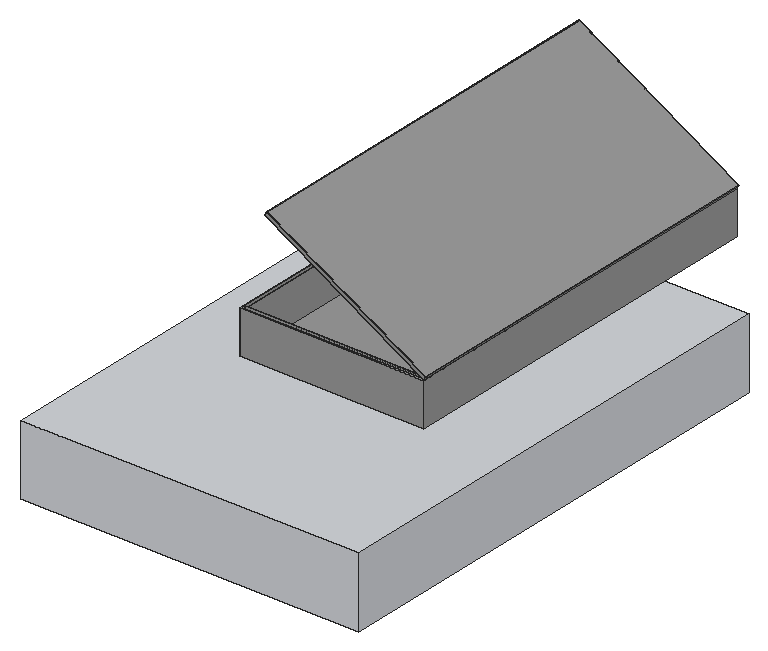
Revit family "Hager-Univers-IP54-D205-H1700-Cl.II-Encl-DE-de", category Equipement électrique, Revit 2020
Family settings
  Hôte = Face
  Configuration du panneau = Deux colonnes, circuits au sein
  Cote de connecteur circulaire = Utiliser le diamètre
  Type d'élément = Tableau de raccordement
  Couper avec des vides une fois chargée = Non
  Partagée = Non
  Point de calcul de pièce = Non
Parameters (values of type "Aufputz IP54 B800 H1700 T205  - FP13SW2")
  Width Control [instance] = if([EF000008 - Breite] > Min Width, [EF000008 - Breite], Min Width)  # 800 mm
  Commentaires du type = [HG000003 - Bereich]  # "Univers"
  Thickness Door [instance] = if([EF009171 - Materialstärke Tür/Deckel] > 3 mm, 3 mm, [EF009171 - Materialstärke Tür/Deckel])  # 1 mm
  Seal Frame Offset [instance] = 17 mm  # constant formula
  Plinth Visibility [instance] = [HG000027 - Sockelhöhe] > 0 mm  # no
  Model = ""
  Min Width [instance] = 100 mm  # constant formula
  Min Height [instance] = 100 mm  # constant formula
  Min Depth [instance] = (2 * [EF009170 - Materialstärke Gehäuse]) + 1 mm  # 3 mm
  Internal Frame Depth [instance] = (Door System Depth * 0.5)  # 9 mm
  Height Control [instance] = if([EF000040 - Höhe] > Min Height, [EF000040 - Höhe], Min Height)  # 1700 mm
  HG000027 - Sockelhöhe = 0 mm
  HG000026 - Stehend auf dem Boden = no
  HG000024 - Höhe des unteren Teils = 800 mm
  HG000023 - Gehäuse mit doppeltem Querschnitt = no
  HG000016 - 3D-Türsichtbarkeit [instance] = yes
  HG000015 - Sichtbarkeit der Türöffnung [instance] = no
  HG000014 - Tür rechts [instance] = yes
  HG000013 - Tür links [instance] = not([HG000014 - Tür rechts])  # no
  HG000012 - Türschwenkwinkel [instance] = 30.00°
  HG000010 - Asymmetrische Türen = no
  HG000009 - Doppelflügeligen Tür = no
  HG000006 - Unterputz = no
  HG000004 - Herstellerreferenz = "FP13SW2"
  HG000003 - Bereich = "Univers"
  HG000002 - Mit tür = yes
  Frame Offset Bottom [instance] = 10 mm  # constant formula
  Frame Offset [instance] = 15 mm  # constant formula
  EF015940 - Deckel mit Überdruckentlastung = no
  EF011959 - Schutzart (NEMA) = ""
  EF009554 - Anzahl der Öffnungen für Flanschplatten = 6
  Fabricant = "Hager"  # constant formula
  EF009212 - Ausführung Deckel = "EV000116 - geschlossen"
  EF009171 - Materialstärke Tür/Deckel = 1 mm
  EF009170 - Materialstärke Gehäuse = 1 mm
  EF008873 - Nennstrom (In) = 400 A
  EF007800 - Geeignet für Blitzschutz = no
  EF006306 - Mit Schloss = no
  EF006244 - Transparenter Deckel/Tür = no
  EF005474 - Schutzart (IP) = "EV006419 - IP54"
  EF004464 - Art der Tür = "EV002646 - Einzel"
  EF004427 - Anzahl der Module = 396
  EF004293 - Schlagfestigkeit = "EV006815 - IK09"
  EF003532 - Geeignet für Außengebrauch = no
  EF002950 - Breite in Teilungseinheiten = 36
  EF001613 - Funktionserhalt = "EV000494 - ohne"
  EF001596 - Werkstoff des Gehäuses = "EV000179 - Stahl"
  EF001131 - Innentiefe = 143 mm
  EF001088 - Anbaumöglichkeit = yes
  EF000437 - Anzahl der Leitungseinführungen = 6
  EF000339 - Art der Abdeckung = "EV001012 - Deckel"
  EF000266 - Anzahl der Reihen = 11
  EF000218 - Einbautiefe = 205 mm
  EF000118 - Mit Montageplatte = no
  EF000116 - RAL-Nummer = "9010"
  EF000049 - Tiefe = 205 mm
  EF000040 - Höhe = 1700 mm
  EF000008 - Breite = 800 mm
  EF000007 - Farbe = "EV000202 - weiß"
  EF000003 - Montageart = "EV000384 - Aufputz"
  Door System Leaf Tolerance [instance] = 1.5 mm  # constant formula
  Door System Depth [instance] = 18 mm  # constant formula
  Door Height [instance] = Height Control - [HG000027 - Sockelhöhe]  # 1700 mm
  Depth Control [instance] = if([EF000049 - Tiefe] > Min Depth, [EF000049 - Tiefe], Min Depth)  # 205 mm
  Default Elevation = 0 mm
  Connector Offset [instance] = Height Control / 2  # 850 mm
  Bottom Top Plate Trim [instance] = 1.5 mm  # constant formula
  Plinth height Ctrl [instance] = if([HG000027 - Sockelhöhe] > 0 mm, [HG000027 - Sockelhöhe], 12 mm)  # 12 mm
Types (5, lengths in mm): name | Width Control | HG000010 - Asymmetrische Türen | HG000009 - Doppelflügeligen Tür | HG000004 - Herstellerreferenz | EF009554 - Anzahl der Öffnungen für Flanschplatten | EF008873 - Nennstrom (In) | EF004464 - Art der Tür | EF004427 - Anzahl der Module | EF002950 - Breite in Teilungseinheiten | EF000437 - Anzahl der Leitungseinführungen | EF000008 - Breite
  Aufputz IP54 B1050 H1700 T205  - FP14SW2 | 1050 | no | yes | "FP14SW2" | 8 | 400 A | "EV003602 - Doppel" | 528 | 48 | 8 | 1050
  Aufputz IP54 B1300 H1700 T205  - FP15SW2 | 1300 | yes | yes | "FP15SW2" | 10 | 400 A | "EV003602 - Doppel" | 660 | 60 | 10 | 1300
  Aufputz IP54 B300 H1700 T205  - FP11SW2 | 300 | no | no | "FP11SW2" | 2 | 250 A | "EV002646 - Einzel" | 132 | 12 | 2 | 300
  Aufputz IP54 B550 H1700 T205  - FP12SW2 | 550 | no | no | "FP12SW2" | 4 | 250 A | "EV002646 - Einzel" | 264 | 24 | 4 | 550
  Aufputz IP54 B800 H1700 T205  - FP13SW2 | 800 | no | no | "FP13SW2" | 6 | 400 A | "EV002646 - Einzel" | 396 | 36 | 6 | 800
Reference planes
  plane 1 "Center (Front/Back)": y = 0
  plane 2: z = 0
  plane 3 "Center (Left/Right)": x = 0
  plane 4: z = 205
  plane 5: y = 1
  plane 6: y = 850
  plane 7: y = 0
  plane 8: y = 1700
  plane 9: z = 0
  plane 10: x = -385
  plane 11: x = 385
  plane 12: x = 384
  plane 13: x = -384
  plane 14: y = 1699
  plane 15: x = -383
  plane 16: x = -400
  plane 17: x = 383
  plane 18: x = 400
  plane 19: x = 399
  plane 20: x = -399
  plane 21: y = 11
  plane 22: y = 1700
  plane 23: y = 1684
  plane 24: z = 187
  plane 25: z = 1
  plane 26: z = 186
  plane 27: z = 204
Forms (mm)
  Extrusion 1, solid
    sketch origin (0, 0, 0) x (1, 0, 0) y (0, 1, 0)
      loop
        line (-702.964, 1305) -> (-702.964, -811.445) -> (766.763, -811.445) -> (766.763, 1305) -> (-702.964, 1305)
    from 0 to -304.8
  Extrusion 2, solid, material "Hager_Steel_RAL7035_Light_Grey", visible <- "Plinth Visibility", detail levels medium+fine
    sketch origin (0, 0, 0) x (1, 0, 0) y (0, 1, 0)
      loop
        line (-400, 0) -> (400, 0) -> (400, 12) -> (-400, 12) -> (-400, 0)
    from 0 to 187
  Extrusion 3, solid, material "Hager_Steel_RAL7035_Light_Grey", detail levels medium+fine
    sketch origin (0, 0, 0) x (1, 0, 0) y (0, 1, 0)
      loop
        line (-400, 0) -> (400, 0) -> (400, 1700) -> (-400, 1700) -> (-400, 0)
    from 0 to 187
  Extrusion 4, void
    sketch origin (0, 0, 0) x (1, 0, 0) y (0, 1, 0)
      loop
        line (-399, 1) -> (399, 1) -> (399, 1699) -> (-399, 1699) -> (-399, 1)
    from 1 to 186
  Extrusion 5, void
    sketch origin (-381.607, -4572, 187) x (0, -1, 0) y (-1, 0, 0)
      loop
        line (-4583, 2.393) -> (-6256, 2.393) -> (-6256, -765.607) -> (-4583, -765.607) -> (-4583, 2.393)
    from 0 to 1 <- "EF009170 - Materialstärke Gehäuse"
  Extrusion 6, solid, material "Hager_Steel_RAL7035_Light_Grey", detail levels fine
    sketch origin (0, 0, 187) x (1, 0, 0) y (0, 1, 0)
      loop
        line (-384, 1684) -> (-384, 11) -> (384, 11) -> (384, 1684) -> (-384, 1684)
      loop
        line (-385, 10) -> (385, 10) -> (385, 1685) -> (-385, 1685) -> (-385, 10)
    from 0 to 9 <- "Internal Frame Depth"
  Extrusion 7, solid, material "Hager_Steel_RAL7035_Light_Grey", detail levels coarse
    sketch origin (0, 0, 0) x (1, 0, 0) y (0, 1, 0)
      loop
        line (-400, 0) -> (400, 0) -> (400, 1700) -> (-400, 1700) -> (-400, 0)
    from 0 to 205
  Sweep 8, void
    path in 3D
      loop
        line (-400, 12, 0) -> (400, 12, 0) -> (400, 12, 187) -> (-400, 12, 187) -> (-400, 12, 0)
    profile origin (-400, 12, 93.5) x (-1, 0, 0) y (0, -1, 0)
      loop
        line (0, 0) -> (0, 1.5) -> (-1.5, 1.5)
        arc (-1.5, 1.5) -> (-1.061, 0.439) -> (0, 0) r 1.5
Cuts and joins
  Extrusion 4, Extrusion 5 cuts Extrusion 3
  Sweep 8 cuts Extrusion 2
Lines and regions (mm)
  Masking region 1
    outline origin (0, 0, 0) x (1, 0, 0) y (0, 0, 1)
      loop
        line (-400, 205) -> (-400, 0) -> (400, 0) -> (400, 205) -> (-400, 205)
  Masking region 2, detail levels medium+fine
    outline origin (0, 140, 0) x (0, 1, 0) y (0, 0, 1)
      loop
        line (-140, 0) -> (1560, 0) -> (1560, 187) -> (-140, 187) -> (-140, 0)
  Masking region 3, not visible, detail levels medium+fine
    outline origin (0, 297.922, 0) x (0, 1, 0) y (0, 0, 1)
      loop
        line (563.578, 0) -> (603.578, 0) -> (603.578, 194)
        arc (603.578, 194) -> (600.649, 201.071) -> (593.578, 204) r 10
        line (593.578, 204) -> (563.578, 204) -> (563.578, 0)
  Masking region 4, detail levels coarse
    outline origin (0, 0, 180) x (0, 1, 0) y (0, 0, 1)
      loop
        line (0, -180) -> (1700, -180) -> (1700, 25) -> (0, 25) -> (0, -180)
  Masking region 5, visible <- "Plinth Visibility", detail levels medium+fine
    outline origin (0, 52.24, 12.345) x (0, 0, -1) y (0, 1, 0)
      loop
        line (10.845, -40.24) -> (-173.155, -40.24)
        arc (-173.155, -40.24) -> (-173.594, -41.301) -> (-174.655, -41.74) r 1.5
        line (-174.655, -41.74) -> (-174.655, -52.24) -> (12.345, -52.24) -> (12.345, -41.74)
        arc (12.345, -41.74) -> (11.285, -41.301) -> (10.845, -40.24) r 1.5
  Masking region 6, detail levels medium+fine
    outline origin (-381.607, -4572, 187) x (-1, 0, 0) y (0, -1, 0)
      loop
        line (18.393, -6272) -> (18.393, -4572) -> (-781.607, -4572) -> (-781.607, -6272) -> (18.393, -6272)
  Masking region 7, visible <- "Plinth Visibility", detail levels medium+fine
    outline origin (-381.607, -4727, 187) x (-1, 0, 0) y (0, -1, 0)
      loop
        arc (16.893, -4739) -> (17.332, -4737.939) -> (18.393, -4737.5) r 1.5
        line (18.393, -4737.5) -> (18.393, -4727) -> (-781.607, -4727) -> (-781.607, -4737.5)
        arc (-781.607, -4737.5) -> (-780.546, -4737.939) -> (-780.107, -4739) r 1.5
        line (-780.107, -4739) -> (16.893, -4739)
  Masking region 8, detail levels coarse
    outline origin (-442.548, -4669.526, 187) x (-1, 0, 0) y (0, -1, 0)
      loop
        line (-42.548, -6369.526) -> (-42.548, -4669.526) -> (-842.548, -4669.526) -> (-842.548, -6369.526) -> (-42.548, -6369.526)
  sketch lines
    curve 1: line (-400, 12, 187) -> (-400, 12, 0)
    curve 2: line (400, 12, 187) -> (-400, 12, 187)
    curve 3: line (400, 12, 187) -> (400, 12, 0)
    curve 4: line (-400, 12, 0) -> (400, 12, 0)
Dimensions and locks
  "Depth Control": plane 4 to Extrusion 1
  "HG000027 - Sockelhöhe": plane 1 "Center (Front/Back)" to plane 7
  "EF009170 - Materialstärke Gehäuse": plane 5 to plane 7
  locked: connector elem to plane 3 "Center (Left/Right)"
  equal spacing: plane 8, plane 6, plane 7
  locked: connector elem to plane 6
  "EF009170 - Materialstärke Gehäuse": plane 8 to plane 14
  "EF009170 - Materialstärke Gehäuse": plane 10 to plane 13
  "EF009170 - Materialstärke Gehäuse": plane 12 to plane 11
  "Frame Offset": plane 20 to plane 13
  "Frame Offset": plane 12 to plane 19
  "EF009170 - Materialstärke Gehäuse": plane 16 to plane 20
  "EF009170 - Materialstärke Gehäuse": plane 19 to plane 18
  "Seal Frame Offset": plane 16 to plane 15
  "Seal Frame Offset": plane 17 to plane 18
  "Frame Offset Bottom": plane 21 to plane 5
  "Frame Offset": plane 14 to plane 23
  equal spacing: plane 16, plane 3 "Center (Left/Right)", plane 18
  "Width Control": plane 16 to plane 18
  "EF009170 - Materialstärke Gehäuse": plane 4 to plane 27
  "EF009170 - Materialstärke Gehäuse": plane 24 to plane 26
  "EF009170 - Materialstärke Gehäuse": plane 25 to level
  "Door System Depth": plane 4 to plane 24
  "Height Control": plane 1 "Center (Front/Back)" to Extrusion 7 sketch curve
  "Height Control": Masking region 4 sketch curve to plane 1 "Center (Front/Back)"
  "Height Control": plane 1 "Center (Front/Back)" to plane 22
  "Bottom Top Plate Trim": profile plane to Sweep 8 sketch curve
  "Bottom Top Plate Trim": Sweep 8 sketch curve to profile plane
  "Plinth height Ctrl": plane 1 "Center (Front/Back)" to Extrusion 2 sketch curve
  "Plinth height Ctrl": Masking region 5 sketch curve to plane 1 "Center (Front/Back)"
  "Plinth height Ctrl": plane 1 "Center (Front/Back)" to Masking region 7 sketch curve
  "Thickness Door": Extrusion 6 sketch curve to Extrusion 6 sketch curve  (x3)
  "Thickness Door": cut or joined group of Extrusion 3, Extrusion 4, Extrusion 5 to Extrusion 6 sketch curve
  radius of Masking region 3 sketch curve = 10 mm
  "Bottom Top Plate Trim": radius of Masking region 5 sketch curve  (x2)
  "Bottom Top Plate Trim": radius of Sweep 8 sketch curve
  "Bottom Top Plate Trim": radius of Masking region 7 sketch curve  (x2)
  aligned and locked: plane 2 to Extrusion 1
  aligned and locked: level to Extrusion 1
  aligned and locked: level to Masking region 1 sketch curve
  aligned and locked: Masking region 1 sketch curve to plane 18
  aligned and locked: Masking region 1 sketch curve to plane 16
  aligned and locked: plane 7 to Masking region 2 sketch curve
  aligned and locked: level to Masking region 3 sketch curve
  aligned and locked: Masking region 3 sketch curve to plane 27
  aligned and locked: level to Masking region 2 sketch curve
  aligned and locked: plane 1 "Center (Front/Back)" to Extrusion 2 sketch curve
  aligned and locked: Extrusion 3 sketch curve to plane 7
  aligned and locked: plane 16 to Extrusion 3 sketch curve
  aligned and locked: plane 18 to Extrusion 3 sketch curve
  aligned and locked: plane 20 to Extrusion 4 sketch curve
  aligned and locked: plane 19 to Extrusion 4 sketch curve
  aligned and locked: Extrusion 4 sketch curve to plane 5
  aligned and locked: Extrusion 4 to plane 25
  aligned and locked: plane 26 to Extrusion 4
  aligned and locked: plane 24 to Extrusion 3
  aligned and locked: Extrusion 5 sketch curve to plane 21
  aligned and locked: Extrusion 5 sketch curve to plane 13
  aligned and locked: Extrusion 5 sketch curve to plane 12
  aligned and locked: plane 18 to Extrusion 7 sketch curve
  aligned and locked: plane 1 "Center (Front/Back)" to Extrusion 7 sketch curve
  aligned and locked: plane 16 to Extrusion 7 sketch curve
  aligned and locked: plane 4 to Extrusion 7
  aligned and locked: Extrusion 7 to level
  aligned and locked: level to Masking region 4 sketch curve
  aligned and locked: Masking region 4 sketch curve to plane 1 "Center (Front/Back)"
  aligned and locked: Masking region 4 sketch curve to plane 4
  aligned and locked: nested 1 to level
  aligned and locked: nested 1 to plane 16
  aligned and locked: plane 8 to Extrusion 3 sketch curve
  aligned and locked: plane 23 to Extrusion 5 sketch curve
  aligned and locked: plane 14 to Extrusion 4 sketch curve
  aligned and locked: Masking region 2 sketch curve to plane 8
  aligned and locked: level to Masking region 5 sketch curve
  aligned and locked: plane 16 to Extrusion 2 sketch curve
  aligned and locked: plane 18 to Extrusion 2 sketch curve
  aligned and locked: Masking region 5 sketch curve to plane 24
  aligned and locked: Masking region 2 sketch curve to plane 24
  aligned and locked: plane 24 to Extrusion 2
  aligned and locked: profile plane to Sweep 8 sketch curve  (x2)
  aligned and locked: Masking region 6 sketch curve to plane 18
  aligned and locked: Masking region 6 sketch curve to plane 22
  aligned and locked: Masking region 6 sketch curve to plane 16
  aligned and locked: plane 8 to plane 22
  aligned and locked: Masking region 6 sketch curve to plane 7
  aligned and locked: Masking region 7 sketch curve to plane 16
  aligned and locked: Masking region 7 sketch curve to plane 1 "Center (Front/Back)"
  aligned and locked: Masking region 7 sketch curve to plane 18
  aligned and locked: Masking region 8 sketch curve to plane 1 "Center (Front/Back)"
  aligned and locked: Masking region 8 sketch curve to plane 18
  aligned and locked: Masking region 8 sketch curve to plane 22
  aligned and locked: Masking region 8 sketch curve to plane 16
  aligned and locked: nested 2 to plane 7
  aligned and locked: plane 3 "Center (Left/Right)" to nested 2
  aligned and locked: nested 2 to plane 24
  aligned and locked: Extrusion 6 sketch curve to cut or joined group of Extrusion 3, Extrusion 4, Extrusion 5  (x4)
Automatic sketch dimensions
  Extrusion 1 sketch curve to Extrusion 1 sketch curve = 1469.727 mm
  Extrusion 1 sketch curve to Extrusion 1 sketch curve = 2116.445 mm
  Masking region 1 sketch curve to plane 4 = 0 mm
  plane 6 to Masking region 3 sketch curve = 11.5 mm
  Masking region 3 sketch curve to Masking region 3 sketch curve = 30 mm
  Masking region 5 sketch curve to plane 1 "Center (Front/Back)" = 0 mm
Nested families
  nested 1: "Hager_Enclosure_Symbol" at (-400, 0, 0) x (1, 0, 0) z (0, -1, 0), Height <- "Depth Control", Width <- "Width Control", type "Hager_Enclosure_Symbol"
    with Width_Ctrl 800 mm, Width 800 mm, Height_Ctrl 205 mm, Height 205 mm, A_Width_Int 13.453 mm, A_Width 161.438 mm, A_Height_Ctrl 179.375 mm, A_Height 179.375 mm
  nested 2: "EC000058_Univers_Door" at (0, 0, 187) x (1, 0, 0) z (0, 1, 0), Leaf_Tolerance <- "Door System Leaf Tolerance", Angle <- "HG000012 - Türschwenkwinkel", Door_Depth <- "Door System Depth", Door_Left <- "HG000013 - Tür links", Transparent <- "EF006244 - Transparenter Deckel/Tür", Assymetrical <- "HG000010 - Asymmetrische Türen", Width <- "Width Control", Clearance <- "HG000015 - Sichtbarkeit der Türöffnung", Double <- "HG000009 - Doppelflügeligen Tür", 3d_Door <- "HG000016 - 3D-Türsichtbarkeit", Lock_Visibility <- "EF006306 - Mit Schloss", Width_Ctrl <- "Width Control", Door_Right <- "HG000014 - Tür rechts", Door <- "HG000002 - Mit tür", Height <- "Door Height", Thickness <- "Thickness Door", type "EC000058_Univers_Door", detail levels medium+fine
    with min_wh 3 mm, Width_Ctrl 800 mm, Width 800 mm, Transparent no, Thickness 1 mm, Seal_Material Hager_Rubber, Lock_Visibility no, Lock_Material Hager_Plastic_RAL9005_Jet_Black, Leaf_Width 800 mm, Leaf_Tolerance_External_Sides 0 mm, Leaf_Tolerance 1.5 mm, Leaf_Offset 0 mm, Leaf_Height 1697 mm, Leaf_2_Width 800 mm, Leaf_2_Offset 400 mm, Leaf_1_Width 800 mm, Leaf_1_Offset 400 mm, Height_Ctrl 1700 mm, Height 1700 mm, Glass_Material Hager_Glass, Double_Clearance_Ctrl no, Double no, Door_Right_Ctrl yes, Door_Right yes, Door_Material Hager_Steel_RAL7035_Light_Grey, Door_Left_Ctrl no, Door_Left no, Door_Depth 18 mm, Door yes, Clearance_Material Hager_Clearance, Clearance_Depth 800 mm, Clearance_Ctrl no, Clearance no, Assymetrical no, Angle 30.00°, 3d_Door yes
Connectors
  electrical at (0, 850, 0)
    settings: on plane 9, index 1, voltage 0 V, apparent load 0 VA, apparent load phase1 0 VA, apparent load phase2 0 VA, apparent load phase3 0 VA, power factor 1, load classification "Other", number of poles 1, system type 30, power factor state 1, is connector primary yes, connector utility no, sub classification motor no, connector description ""
Definition of nested family "EC000058_Univers_Door"
  Parameters (values of type "EC000058_Univers_Door")
    min_wh [instance] = (2 * Thickness) + 1 mm  # 11 mm
    Width_Ctrl [instance] = 400 mm
    Width [instance] = 500 mm
    Transparent [instance] = yes
    Thickness [instance] = 5 mm
    Seal_Material [instance] = none
    Lock_Visibility [instance] = yes
    Lock_Material [instance] = none
    Leaf_Width [instance] = if((Width_Ctrl - 2 * Leaf_Tolerance_External_Sides) > 0 mm, (Width_Ctrl - 2 * Leaf_Tolerance_External_Sides), min_wh)  # 400 mm
    Leaf_Tolerance_External_Sides [instance] = 0 mm  # constant formula
    Leaf_Tolerance [instance] = 1.5 mm
    Leaf_Offset [instance] = 0 mm  # constant formula
    Leaf_Height [instance] = if((Height_Ctrl - 2 * Leaf_Tolerance) > 0 mm, (Height_Ctrl - 2 * Leaf_Tolerance), min_wh)  # 497 mm
    Leaf_2_Width [instance] = if(and(and(Double, Assymetrical), Door_Left), (Leaf_Width / 3) - (Leaf_Tolerance / 2), if(and(and(Double, Assymetrical), Door_Right), (Leaf_Width / 3) * 2 - (Leaf_Tolerance / 2), if(and(Double, not(Assymetrical)), (Leaf_Width / 2) - Leaf_Tolerance, Leaf_Width)))  # 400 mm
    Leaf_2_Offset [instance] = if(and(Double, Assymetrical), Leaf_2_Width / 2, if(and(Double, not(Assymetrical)), Leaf_Width / 4, Leaf_Width / 2))  # 200 mm
    Leaf_1_Width [instance] = if(and(and(Double, Assymetrical), Door_Right), (Leaf_Width / 3) - (Leaf_Tolerance / 2), if(and(and(Double, Assymetrical), Door_Left), (Width / 3) * 2 - (Leaf_Tolerance / 2), if(and(Double, not(Assymetrical)), (Leaf_Width / 2) - Leaf_Tolerance, Leaf_Width)))  # 400 mm
    Leaf_1_Offset [instance] = if(and(Double, Assymetrical), Leaf_1_Width / 2, if(and(Double, not(Assymetrical)), Leaf_Width / 4, Leaf_Width / 2))  # 200 mm
    Height_Ctrl [instance] = if(Height > min_wh, Height, min_wh)  # 500 mm
    Height [instance] = 500 mm
    Glass_Material [instance] = none
    Double_Clearance_Ctrl [instance] = and(Double, Clearance)  # no
    Double [instance] = no
    Door_Right_Ctrl [instance] = and(or(Door_Right, Double), Door)  # yes
    Door_Right [instance] = yes
    Door_Material [instance] = none
    Door_Left_Ctrl [instance] = and(or(Door_Left, Double), Door)  # no
    Door_Left [instance] = no
    Door_Depth [instance] = 30 mm
    Door [instance] = yes
    Default Elevation = 1219.2 mm
    Clearance_Material [instance] = none
    Clearance_Depth [instance] = if(Leaf_1_Width > Leaf_2_Width, Leaf_1_Width, Leaf_2_Width)  # 400 mm
    Clearance_Ctrl [instance] = and(not(Double), Clearance)  # yes
    Clearance [instance] = yes
    Assymetrical [instance] = yes
    Angle [instance] = 30.00°
    3d_Door [instance] = yes
  Reference planes
    plane 1 "Center (Front/Back)": y = 0
    plane 2 "Bottom": z = 0
    plane 3 "Center (Left/Right)": x = 0
    plane 4: z = 500
    plane 5: x = -200
    plane 6: x = 200
    plane 7: z = 500
    plane 8: x = -200
    plane 9: z = 0
    plane 10: x = 200
    plane 11: y = 0
    plane 12: z = 1.5
    plane 13: x = -600
    plane 14: y = -400
    plane 15: x = 600
    plane 16: x = 0
    plane 17: x = 0
    plane 18: x = -200
    plane 19: x = 200
    plane 20: z = 498.5
  Forms (mm)
    Extrusion 1, solid, material <- "Clearance_Material", visible <- "Double_Clearance_Ctrl"
      sketch origin (1200, 0, 0) x (1, 0, 0) y (0, 0, -1)
        loop
          line (-1800, -498.5) -> (-600, -498.5) -> (-600, 0) -> (-1800, 0) -> (-1800, -498.5)
      from 0 to -400
  Dimensions and locks
    equal spacing: plane 5, plane 3 "Center (Left/Right)", plane 6
    "Width_Ctrl": plane 5 to plane 6
    "Leaf_Offset": plane 5 to plane 8
    "Leaf_Offset": plane 6 to plane 10
    "Leaf_Offset": plane 9 to level
    "Leaf_Offset": plane 4 to plane 7
    "Height_Ctrl": plane 4 to level
    "Leaf_Tolerance": plane 12 to plane 9
    locked: plane 11 to plane 1 "Center (Front/Back)"
    "Leaf_1_Offset": plane 18 to plane 16
    "Leaf_2_Offset": plane 17 to plane 19
    "Leaf_1_Width": plane 13 to plane 8
    "Leaf_2_Width": plane 10 to plane 15
    "Clearance_Depth": plane 14 to plane 1 "Center (Front/Back)"
    "Leaf_Tolerance_External_Sides": plane 8 to plane 18
    "Leaf_Tolerance_External_Sides": plane 19 to plane 10
    "Leaf_Tolerance": plane 7 to plane 20
    aligned and locked: level to plane 2 "Bottom"
    aligned and locked: nested 1 to plane 16
    aligned and locked: nested 2 to plane 17
    aligned and locked: Extrusion 1 to plane 13
    aligned and locked: plane 15 to Extrusion 1
    aligned and locked: Extrusion 1 to plane 14
    aligned and locked: plane 12 to nested 1
    aligned and locked: nested 2 to plane 12
    aligned and locked: Extrusion 1 to plane 11
    aligned and locked: plane 20 to Extrusion 1
    aligned and locked: nested 2 to plane 11
    aligned and locked: nested 1 to plane 11
  Automatic sketch dimensions
    Extrusion 1 sketch curve to level = 0 mm
    plane 5 to Extrusion 1 sketch curve = 400 mm
    plane 6 to Extrusion 1 sketch curve = 400 mm
    Extrusion 1 sketch curve to plane 4 = 1.5 mm
  Nested families
    nested 1: "EC000058_Univers_Door_Leaf" at (0, 0, 1.5), Width <- "Leaf_1_Width", visible <- "Door_Left_Ctrl", Leaf_Height <- "Leaf_Height", Angle <- "Angle", 3d_Door <- "3d_Door", Transparent <- "Transparent", Clearance Material <- "Clearance_Material", Clearance <- "Clearance_Ctrl", Door_Material <- "Door_Material", Glass_Material <- "Glass_Material", Door_Depth <- "Door_Depth", Lock_Material <- "Lock_Material", Seal_Material <- "Seal_Material", Lock_Visibility <- "Lock_Visibility", Thickness <- "Thickness", type "EC000058_Univers_Door_Leaf"
      with Width 400 mm, Transparent_Glass_Offset 30 mm, Transparent_Ctrl yes, Transparent yes, Thickness 5 mm, Standard no, Seal_Material none, Seal_D2 8 mm, Seal_D1 1 mm, Offset_Internal_Frame 10 mm, Lock_Width 20 mm, Lock_Visibility_3d yes, Lock_Visibility yes, Lock_Thickness_3 3 mm, Lock_Thickness_2 1 mm, Lock_Thickness_1 3 mm, Lock_Radius_Offset_2 16 mm, Lock_Radius_Offset_1 15 mm, Lock_Radius_2 5 mm, Lock_Radius 6 mm, Lock_Offset 5 mm, Lock_Material none, Lock_Height 80 mm, Lock_Cover_Top_Offset_2d 17 mm, Lock_Cover_Height -65 mm, Leaf_Height 497 mm, Internal_Seal_Thickness 8 mm, Internal_Seal_Depth_2 4.5 mm, Internal_Frame_Depth 25 mm, Glass_Thickness -1 mm, Glass_Offset -2 mm, Glass_Material none, Door_Material none, Door_Depth 30 mm, Clearance Material none, Clearance yes, Angle_Ctrl 30.00°, Angle 30.00°, 3d_Door yes
    nested 2: "EC000058_Univers_Door_Leaf" at (0, 0, 1.5) x (-1, 0, 0) z (0, 0, 1), Width <- "Leaf_2_Width", visible <- "Door_Right_Ctrl", Leaf_Height <- "Leaf_Height", Angle <- "Angle", 3d_Door <- "3d_Door", Transparent <- "Transparent", Clearance Material <- "Clearance_Material", Clearance <- "Clearance_Ctrl", Door_Material <- "Door_Material", Glass_Material <- "Glass_Material", Door_Depth <- "Door_Depth", Lock_Material <- "Lock_Material", Seal_Material <- "Seal_Material", Lock_Visibility <- "Lock_Visibility", Thickness <- "Thickness", type "EC000058_Univers_Door_Leaf"
      with Width 400 mm, Transparent_Glass_Offset 30 mm, Transparent_Ctrl yes, Transparent yes, Thickness 5 mm, Standard no, Seal_Material none, Seal_D2 8 mm, Seal_D1 1 mm, Offset_Internal_Frame 10 mm, Lock_Width 20 mm, Lock_Visibility_3d yes, Lock_Visibility yes, Lock_Thickness_3 3 mm, Lock_Thickness_2 1 mm, Lock_Thickness_1 3 mm, Lock_Radius_Offset_2 16 mm, Lock_Radius_Offset_1 15 mm, Lock_Radius_2 5 mm, Lock_Radius 6 mm, Lock_Offset 5 mm, Lock_Material none, Lock_Height 80 mm, Lock_Cover_Top_Offset_2d 17 mm, Lock_Cover_Height -65 mm, Leaf_Height 497 mm, Internal_Seal_Thickness 8 mm, Internal_Seal_Depth_2 4.5 mm, Internal_Frame_Depth 25 mm, Glass_Thickness -1 mm, Glass_Offset -2 mm, Glass_Material none, Door_Material none, Door_Depth 30 mm, Clearance Material none, Clearance yes, Angle_Ctrl 30.00°, Angle 30.00°, 3d_Door yes
  Definition of nested family "EC000058_Univers_Door_Leaf"
    Parameters (values of type "EC000058_Univers_Door_Leaf")
      Width [instance] = 2000 mm
      Transparent_Glass_Offset [instance] = 30 mm
      Transparent_Ctrl [instance] = and(Transparent, [3d_Door])  # yes
      Transparent [instance] = yes
      Thickness [instance] = 5 mm
      Standard [instance] = and(not(Transparent), [3d_Door])  # no
      Seal_Material [instance] = none
      Seal_D2 [instance] = 8 mm  # constant formula
      Seal_D1 [instance] = 1 mm  # constant formula
      Offset_Internal_Frame [instance] = 10 mm  # constant formula
      Lock_Width [instance] = 20 mm  # constant formula
      Lock_Visibility_3d [instance] = and(Lock_Visibility, [3d_Door])  # yes
      Lock_Visibility [instance] = yes
      Lock_Thickness_3 [instance] = 3 mm  # constant formula
      Lock_Thickness_2 [instance] = 1 mm  # constant formula
      Lock_Thickness_1 [instance] = 3 mm  # constant formula
      Lock_Radius_Offset_2 [instance] = Lock_Radius_Offset_1 + 1 mm  # 16 mm
      Lock_Radius_Offset_1 [instance] = 15 mm  # constant formula
      Lock_Radius_2 [instance] = Lock_Radius - 1 mm  # 5 mm
      Lock_Radius [instance] = 6 mm  # constant formula
      Lock_Offset [instance] = 5 mm  # constant formula
      Lock_Material [instance] = none
      Lock_Height [instance] = 80 mm  # constant formula
      Lock_Cover_Top_Offset_2d [instance] = Lock_Radius_Offset_2 + 1 mm  # 17 mm
      Lock_Cover_Height [instance] = -(Lock_Height - Lock_Radius_Offset_1)  # -65 mm
      Leaf_Height [instance] = 2720.336 mm
      Internal_Seal_Thickness [instance] = 8 mm  # constant formula
      Internal_Seal_Depth_2 [instance] = 4.5 mm  # constant formula
      Internal_Frame_Depth [instance] = if(Door_Depth - Thickness > 5 mm, Door_Depth - Thickness, 5 mm)  # 25 mm
      Glass_Thickness [instance] = if(Thickness > 15 mm, Glass_Offset + 10 mm, -1 mm)  # -1 mm
      Glass_Offset [instance] = if(Thickness > 15 mm, -(Thickness + 10 mm) / 2, -2 mm)  # -2 mm
      Glass_Material [instance] = none
      Door_Material [instance] = none
      Door_Depth [instance] = 30 mm
      Default Elevation = 0 mm
      Clearance Material [instance] = none
      Clearance [instance] = yes
      Angle_Ctrl [instance] = if(Angle > 180.00°, 180.00°, Angle)  # 90.00°
      Angle [instance] = 90.00°
      3d_Door [instance] = yes
    Reference planes
      plane 1 "Center (Front/Back)": y = 0
      plane 2: z = 0
      plane 3 "Center (Left/Right)": x = 0
      plane 4: y = 2000
      plane 5: x = -1000
      plane 6: x = 1000
      plane 7: x = -3000
      plane 8: z = 2720.336
      plane 9: z = 30
      plane 10: z = 2690.336
      plane 11: x = 970
      plane 12: x = -970
      plane 13: y = -3
      plane 14: z = 107.833
      plane 15: y = -5
      plane 16: y = -223.314
      plane 17: x = -1000
      plane 18: z = 1360.168
      plane 19: y = 30
    Forms (mm)
      Extrusion 1, solid, material <- "Clearance Material", visible <- "Clearance"
        sketch origin (0, 0, 0) x (1, 0, 0) y (0, 0, 1)
          loop
            line (-3000, 2720.336) -> (-3000, 0) -> (1000, 0) -> (1000, 2720.336) -> (-3000, 2720.336)
        from 0 to -2000
      Extrusion 2, solid, material <- "Door_Material", visible <- "Standard", detail levels medium+fine
        sketch origin (-1000, 0, 0) x (0, 1, 0) y (-1, 0, 0)
          loop
            line (0, 30) -> (0, 25) -> (2000, 25) -> (2000, 30) -> (0, 30)
        from 0 to 2720.336 <- "Leaf_Height"
      Extrusion 3, solid, material <- "Door_Material", visible <- "Transparent_Ctrl", detail levels medium+fine
        sketch origin (-1000, 0, 0) x (0, 1, 0) y (-1, 0, 0)
          loop
            line (0, 25) -> (2000, 25) -> (2000, 30) -> (0, 30) -> (0, 25)
        from 0 to 2720.336 <- "Leaf_Height"
      Extrusion 4, void
        sketch origin (-1025, 2000, 0) x (0, 1, 0) y (0, 0, -1)
          loop
            line (-30, -2690.336) -> (-30, -30) -> (-1970, -30) -> (-1970, -2690.336) -> (-30, -2690.336)
        from 0 to 5 <- "Thickness"
      Sweep 5, solid, material <- "Seal_Material", visible <- "Transparent_Ctrl", detail levels fine
        path in 3D
          loop
            line (-1025, 30, 30) -> (-1025, 30, 2690.336) -> (-1025, 1970, 2690.336) -> (-1025, 1970, 30) -> (-1025, 30, 30)
        profile origin (-1025, 1000, 30) x (1, 0, 0) y (0, 0, 1)
          loop
            line (0, 0) -> (0, -8) -> (1, -8) -> (1, 0) -> (0, 0)
      Extrusion 6, solid, material <- "Glass_Material", visible <- "Transparent_Ctrl", detail levels medium+fine
        sketch origin (-1030, 0, 0) x (0, 1, 0) y (0, 0, -1)
          loop
            line (1970, -2690.336) -> (1970, -30) -> (30, -30) -> (30, -2690.336) -> (1970, -2690.336)
        from -2 <- "Glass_Offset" to -1 <- "Glass_Thickness"
      Extrusion 7, solid, material <- "Door_Material", visible <- "3d_Door", detail levels medium+fine
        sketch origin (-1025, 2000, 0) x (0, -1, 0) y (0, 0, -1)
          loop
            line (0, -2720.336) -> (2000, -2720.336) -> (2000, 0) -> (0, 0) -> (0, -2720.336)
          loop
            line (1995, -5) -> (5, -5) -> (5, -2715.336) -> (1995, -2715.336) -> (1995, -5)
        from 0 to 25 <- "Internal_Frame_Depth"
      Sweep 8, solid, material <- "Seal_Material", visible <- "Transparent_Ctrl", detail levels fine
        path in 3D
          loop
            line (-1025, 0, 0) -> (-1025, 2000, 0) -> (-1025, 2000, 2720.336) -> (-1025, 0, 2720.336) -> (-1025, 0, 0)
        profile origin (-1025, 0, 1360.168) x (1, 0, 0) y (0, 1, 0)
          loop
            line (0, 10) -> (2.975, 10)
            arc (2.975, 10) -> (4.053, 10.447) -> (4.5, 11.525) r 1.525
            line (4.5, 11.525) -> (4.5, 16.527)
            arc (4.5, 16.527) -> (4.069, 17.569) -> (3.027, 18) r 1.473
            line (3.027, 18) -> (0, 18) -> (0, 10)
      Extrusion 9, solid, material <- "Lock_Material", visible <- "Lock_Visibility_3d", detail levels fine
        sketch origin (-1030, 0, 0) x (0, 1, 0) y (0, 0, -1)
          loop
            arc (1993.5, -1400.168) -> (1994.561, -1399.729) -> (1995, -1398.668) r 1.5
            line (1995, -1398.668) -> (1995, -1320.168) -> (1975, -1320.168) -> (1975, -1398.668)
            arc (1975, -1398.668) -> (1975.439, -1399.729) -> (1976.5, -1400.168) r 1.5
            line (1976.5, -1400.168) -> (1993.5, -1400.168)
        from 3 <- "Lock_Thickness_1" to 0
      Blend 10, solid, material <- "Lock_Material", visible <- "Lock_Visibility_3d", detail levels fine
        base sketch origin (-1033, 0, 0) x (0, 1, 0) y (0, 0, -1)
          loop
            line (1975, -1320.168) -> (1975, -1398.668)
            arc (1975, -1398.668) -> (1975.439, -1399.729) -> (1976.5, -1400.168) r 1.5
            line (1976.5, -1400.168) -> (1993.5, -1400.168)
            arc (1993.5, -1400.168) -> (1994.561, -1399.729) -> (1995, -1398.668) r 1.5
            line (1995, -1398.668) -> (1995, -1320.168) -> (1975, -1320.168)
        top sketch origin (-1033, 0, 0) x (0, 1, 0) y (0, 0, -1)
          loop
            line (1976, -1320.168) -> (1976, -1398.668)
            arc (1976, -1398.668) -> (1976.146, -1399.022) -> (1976.5, -1399.168) r 0.5
            line (1976.5, -1399.168) -> (1993.5, -1399.168)
            arc (1993.5, -1399.168) -> (1993.854, -1399.022) -> (1994, -1398.668) r 0.5
            line (1994, -1398.668) -> (1994, -1320.168) -> (1976, -1320.168)
        from 0 to 1 <- "Lock_Thickness_2"
      Blend 11, solid, material <- "Lock_Material", visible <- "Lock_Visibility_3d", detail levels fine
        base sketch origin (-1034, 0, 0) x (0, 1, 0) y (0, 0, -1)
          loop
            line (1978, -1320.168) -> (1978, -1384.168)
            arc (1978, -1384.168) -> (1985, -1391.168) -> (1992, -1384.168) r 7
            line (1992, -1384.168) -> (1992, -1320.168) -> (1978, -1320.168)
        top sketch origin (-1034, 0, 0) x (0, 1, 0) y (0, 0, -1)
          loop
            line (1991, -1320.168) -> (1979, -1320.168) -> (1979, -1383.168)
            arc (1979, -1383.168) -> (1985, -1389.168) -> (1991, -1383.168) r 6
            line (1991, -1383.168) -> (1991, -1320.168)
        from 0 to 3 <- "Lock_Thickness_3"
      Extrusion 12, solid, material <- "Lock_Material", visible <- "Lock_Visibility_3d", detail levels fine
        sketch origin (-1030, 1975, 1320.168) x (1, 0, 0) y (0, -1, 0)
          loop
            line (-7, -19) -> (-7, -1) -> (0, -1) -> (0, 0) -> (-8, 0) -> (-8, -20) -> (0, -20) -> (0, -19) -> (-7, -19)
        from 0 to -65 <- "Lock_Cover_Height"
      Extrusion 13, void
        sketch origin (-1038, 1995, 1320.168) x (-1, 0, 0) y (0, 0, -1)
          loop
            line (-5, -65) -> (0, -65) -> (-5, -60) -> (-5, -65)
        from 0 to 20 <- "Lock_Width"
      Extrusion 14, void
        sketch origin (-1038, 1975, 1320.168) x (0, -1, 0) y (0, 0, -1)
          loop
            circle (-10, -15.995) r 6
          loop
            circle (-10, -15.995) r 5
        from 0 to 2
      Extrusion 15, solid, material <- "Lock_Material", visible <- "Lock_Visibility_3d", detail levels medium
        sketch origin (-1030, 0, 0) x (0, 1, 0) y (0, 0, -1)
          loop
            arc (1993.5, -1400.168) -> (1994.561, -1399.729) -> (1995, -1398.668) r 1.5
            line (1995, -1398.668) -> (1995, -1320.168) -> (1975, -1320.168) -> (1975, -1398.668)
            arc (1975, -1398.668) -> (1975.439, -1399.729) -> (1976.5, -1400.168) r 1.5
            line (1976.5, -1400.168) -> (1993.5, -1400.168)
        from 8 to 0
    Cuts and joins
      Extrusion 4 cuts Extrusion 3
      Extrusion 13, Extrusion 14 cuts Extrusion 9
      Extrusion 14 cuts Blend 11
      Extrusion 13, Extrusion 14 cuts Extrusion 12
      joined: Extrusion 9, Blend 10, Blend 11, Extrusion 12
      Extrusion 14 cuts Extrusion 15
    Lines and regions (mm)
      Masking region 1, visible <- "Lock_Visibility", detail levels fine
        outline origin (0, 0, 0) x (0, 1, 0) y (0, 0, 1)
          loop
            line (30, 1320.168) -> (33, 1320.168) -> (33, 1400.168) -> (30, 1400.168) -> (30, 1320.168)
      Masking region 2, visible <- "Lock_Visibility", detail levels fine
        outline origin (0, 3.143, 0) x (0, 1, 0) y (0, 0, 1)
          loop
            line (29.857, 1354.168) -> (30.857, 1354.168) -> (30.857, 1366.168) -> (29.857, 1366.168) -> (29.857, 1354.168)
      Masking region 3, detail levels medium+fine
        outline origin (0, 0, 0) x (0, 1, 0) y (0, 0, 1)
          loop
            line (0, 0) -> (30, 0) -> (30, 2720.336) -> (0, 2720.336) -> (0, 0)
      Masking region 4, detail levels medium+fine
        outline origin (0, 0, 0) x (1, 0, 0) y (0, 0, 1)
          loop
            line (-1000, 2720.336) -> (-1000, 0) -> (1000, 0) -> (1000, 2720.336) -> (-1000, 2720.336)
      Masking region 5, visible <- "Lock_Visibility", detail levels fine
        outline origin (-47.116, 0, 0) x (1, 0, 0) y (0, 0, 1)
          loop
            arc (1024.616, 1399.168) -> (1023.556, 1398.729) -> (1023.116, 1397.668) r 1.5
            line (1023.116, 1397.668) -> (1023.116, 1320.168) -> (1041.116, 1320.168) -> (1041.116, 1397.668)
            arc (1041.116, 1397.668) -> (1040.677, 1398.729) -> (1039.616, 1399.168) r 1.5
            line (1039.616, 1399.168) -> (1024.616, 1399.168)
      Masking region 6, visible <- "Lock_Visibility", detail levels medium+fine
        outline origin (-25, 0, 0) x (1, 0, 0) y (0, 0, 1)
          loop
            arc (1001.5, 1400.168) -> (1000.439, 1399.729) -> (1000, 1398.668) r 1.5
            line (1000, 1398.668) -> (1000, 1320.168) -> (1020, 1320.168) -> (1020, 1398.668)
            arc (1020, 1398.668) -> (1019.561, 1399.729) -> (1018.5, 1400.168) r 1.5
            line (1018.5, 1400.168) -> (1001.5, 1400.168)
      Masking region 7, visible <- "Lock_Visibility", detail levels fine
        outline origin (-73.735, 0, 0) x (1, 0, 0) y (0, 0, 1)
          loop
            line (1051.735, 1382.168) -> (1065.735, 1382.168) -> (1065.735, 1384.168)
            arc (1065.735, 1384.168) -> (1058.735, 1391.168) -> (1051.735, 1384.168) r 7
            line (1051.735, 1384.168) -> (1051.735, 1382.168)
      Masking region 8, visible <- "Lock_Visibility", detail levels fine
        outline origin (-73.735, 0, 0) x (1, 0, 0) y (0, 0, 1)
          loop
            line (1052.735, 1382.168) -> (1064.735, 1382.168) -> (1064.735, 1383.168)
            arc (1064.735, 1383.168) -> (1058.735, 1389.168) -> (1052.735, 1383.168) r 6
            line (1052.735, 1383.168) -> (1052.735, 1382.168)
      Masking region 9, visible <- "Lock_Visibility", detail levels fine
        outline origin (-25, 0, 0) x (1, 0, 0) y (0, 0, 1)
          loop
            line (1020, 1320.168) -> (1020, 1382.168) -> (1000, 1382.168) -> (1000, 1320.168) -> (1020, 1320.168)
      Masking region 10, detail levels medium+fine
        outline origin (0, 0, 0) x (1, 0, 0) y (0, 0, 1)
          loop
            circle (985, 1335.144) r 6
      Masking region 11, detail levels fine
        outline origin (0, 0, 0) x (1, 0, 0) y (0, 0, 1)
          loop
            circle (985, 1335.144) r 5
      Masking region 12, visible <- "Lock_Visibility", detail levels fine
        outline origin (0, 12.767, 0) x (0, 1, 0) y (0, 0, 1)
          loop
            line (20.233, 1320.168) -> (21.233, 1320.168) -> (21.233, 1399.168) -> (20.233, 1400.168) -> (20.233, 1320.168)
      Masking region 13, visible <- "Lock_Visibility", detail levels fine
        outline origin (0, 13.767, -10) x (0, 1, 0) y (0, 0, 1)
          loop
            line (20.233, 1330.168) -> (23.233, 1330.168) -> (23.233, 1399.168) -> (20.233, 1402.168) -> (20.233, 1330.168)
      Masking region 14, visible <- "Lock_Visibility", detail levels fine
        outline origin (0, 12.767, -10) x (0, 1, 0) y (0, 0, 1)
          loop
            line (20.233, 1330.168) -> (25.233, 1330.168) -> (25.233, 1399.305) -> (20.233, 1394.305) -> (20.233, 1330.168)
      Masking region 15, visible <- "Lock_Visibility", detail levels medium
        outline origin (0, 0, 0) x (0, 1, 0) y (0, 0, 1)
          loop
            line (30, 1320.168) -> (38, 1320.168) -> (38, 1400.168) -> (30, 1400.168) -> (30, 1320.168)
      Masking region 16, visible <- "Lock_Visibility", detail levels fine
        outline origin (-1000, 0, 0) x (0, 1, 0) y (-1, 0, 0)
          loop
            line (1975, 30) -> (1995, 30) -> (1995, 38) -> (1975, 38) -> (1975, 30)
          loop
            line (1979, 37) -> (1976, 37) -> (1976, 34) -> (1978, 34) -> (1979, 37)
          loop
            line (1994, 37) -> (1991, 37) -> (1992, 34) -> (1994, 34) -> (1994, 37)
      Masking region 17, visible <- "Lock_Visibility", detail levels medium
        outline origin (-1000, 0, 0) x (0, 1, 0) y (-1, 0, 0)
          loop
            line (1975, 30) -> (1995, 30) -> (1995, 38) -> (1975, 38) -> (1975, 30)
      symbolic lines
        curve 1: line (1000, 0, 0) -> (-3000, 0, 0)
        curve 2: arc (1000, 0, 0) -> (-1000, 2000, 0) -> (-3000, 0, 0) r 2000
        curve 4: line (-1030, 0, 0) -> (-1030, 2000, 0)
      reference lines
        curve 3: line (-1000, 0, 0) -> (-1000, 2000, 0)
      symbolic lines, detail levels medium+fine
        curve 5: line (-1030, 2000, 0) -> (-1025, 2000, 0)
        curve 7: line (-1025, 0, 0) -> (-1030, 0, 0)
        curve 8: line (-1025, 0, 0) -> (-1000, 0, 0)
        curve 9: line (-1000, 0, 0) -> (-1000, 2000, 0)
        curve 10: line (-1000, 2000, 0) -> (-1025, 2000, 0)
      symbolic lines, detail levels fine
        curve 6: line (-1025, 2000, 0) -> (-1025, 0, 0)
      sketch lines
        curve 11: line (-1025, 0, 2720.336) -> (-1025, 0, 0)
        curve 12: line (-1025, 2000, 0) -> (-1025, 0, 0)
        curve 13: line (-1025, 2000, 2720.336) -> (-1025, 2000, 0)
        curve 14: line (-1025, 0, 2720.336) -> (-1025, 2000, 2720.336)
        curve 15: line (-1025, 1970, 30) -> (-1025, 30, 30)
        curve 16: line (-1025, 30, 30) -> (-1025, 30, 2690.336)
        curve 17: line (-1025, 1970, 2690.336) -> (-1025, 1970, 30)
        curve 18: line (-1025, 30, 2690.336) -> (-1025, 1970, 2690.336)
      symbolic lines, visible <- "Transparent", detail levels medium+fine
        curve 19: line (-970, 0, 2690.336) -> (970, 0, 2690.336)
        curve 20: line (-970, 0, 30) -> (-970, 0, 2690.336)
        curve 21: line (970, 0, 30) -> (-970, 0, 30)
        curve 22: line (970, 0, 2690.336) -> (970, 0, 30)
    Dimensions and locks
      "Width": plane 1 "Center (Front/Back)" to plane 4
      equal spacing: plane 5, plane 3 "Center (Left/Right)", plane 6
      "Width": plane 5 to plane 6
      "Width": plane 7 to plane 5
      "Leaf_Height": plane 8 to level
      "Width": curve 5 to curve 3
      "Width": curve 3 to curve 3
      plane 8 to plane 10 = 30 mm
      plane 9 to level = 30 mm
      plane 12 to plane 5 = 30 mm
      plane 6 to plane 11 = 30 mm
      Extrusion 1 to Extrusion 4 sketch curve = 30 mm
      "Transparent_Glass_Offset": curve 3 to Extrusion 4 sketch curve
      "Transparent_Glass_Offset": Extrusion 4 sketch curve to cut or joined group of Extrusion 3, Extrusion 4  (x2)
      cut or joined group of Extrusion 3, Extrusion 4 to Extrusion 6 sketch curve = 30 mm
      "Transparent_Glass_Offset": cut or joined group of Extrusion 3, Extrusion 4 to Extrusion 4 sketch curve
      "Thickness": curve 6 to curve 4
      "Thickness": Extrusion 7 sketch curve to Extrusion 7 sketch curve  (x4)
      "Door_Depth": curve 4 to curve 3
      "Offset_Internal_Frame": profile plane to Sweep 8 sketch curve
      "Internal_Seal_Thickness": Sweep 8 sketch curve to Sweep 8 sketch curve
      "Internal_Seal_Depth_2": profile plane to Sweep 8 sketch curve
      "Seal_D1": profile plane to Sweep 5 sketch curve
      "Seal_D2": profile plane to Sweep 5 sketch curve
      "Thickness": Extrusion 2 sketch curve to Extrusion 2 sketch curve
      equal spacing: Extrusion 9 sketch curve, plane 18, Extrusion 9 sketch curve  (x2)
      equal spacing: Masking region 1 sketch curve, plane 18, Masking region 1 sketch curve
      "Lock_Height": Masking region 1 sketch curve to Masking region 1 sketch curve
      "Lock_Radius": Masking region 2 sketch curve to plane 18 to Masking region 2 sketch curve
      Masking region 2 sketch curve to Masking region 1 = 1 mm
      "Door_Depth": plane 19 to plane 1 "Center (Front/Back)"
      "Lock_Thickness_1": Masking region 1 sketch curve to plane 19
      "Lock_Width": Extrusion 9 sketch curve to Extrusion 9 sketch curve
      "Lock_Height": Extrusion 9 sketch curve to Extrusion 9 sketch curve
      "Lock_Offset": cut or joined group of Extrusion 3, Extrusion 4 to Extrusion 9 sketch curve
      equal spacing: plane 8, plane 18, level
      "Lock_Radius_Offset_1": Blend 11 sketch curve to Blend 10
      locked: Blend 10 to Blend 11 sketch curve at 2  (x2)
      locked: var sketch to Blend 11 sketch curve at 1  (x2)
      "Lock_Radius_Offset_2": Blend 11 sketch curve to Blend 10
      locked: Extrusion 12 sketch curve to Extrusion 12 sketch curve at 1  (x3)
      Masking region 6 sketch curve to Masking region 6 sketch curve = 80 mm
      "Lock_Height": Masking region 6 sketch curve to Masking region 6 sketch curve
      "Lock_Width": Masking region 6 sketch curve to Masking region 6 sketch curve
      locked: Masking region 6 to Masking region 5 sketch curve at 1  (x3)
      locked: Masking region 5 to Masking region 7 sketch curve at 2  (x2)
      "Lock_Radius_Offset_1": Masking region 5 to Masking region 7 sketch curve
      "Lock_Radius_Offset_2": Masking region 5 to Masking region 8 sketch curve
      locked: Masking region 7 to Masking region 8 sketch curve at 1  (x2)
      "Lock_Cover_Top_Offset_2d": Masking region 5 to Masking region 9 sketch curve
      equal spacing: Masking region 9, Masking region 10 sketch curve, Masking region 9
      equal spacing: Masking region 9, Masking region 11 sketch curve, Masking region 9
      Extrusion 15 sketch curve to Extrusion 15 sketch curve = 80 mm
      "Lock_Width": Extrusion 15 sketch curve to Extrusion 15 sketch curve
      "Lock_Height": Extrusion 15 sketch curve to Extrusion 15 sketch curve
      equal spacing: Extrusion 15 sketch curve, plane 18, Extrusion 15 sketch curve
      "Lock_Thickness_3": Masking region 13 sketch curve to Masking region 13 sketch curve
      "Lock_Height": Masking region 12 sketch curve to Masking region 12 sketch curve
      locked: Masking region 13 sketch curve to Masking region 1 at 8
      locked: Masking region 14 sketch curve to Masking region 13 at 1
      locked: Masking region 14 sketch curve to Masking region 1 at 10.863
      "Lock_Height": Masking region 15 sketch curve to Masking region 15 sketch curve
      "Lock_Offset": Extrusion 15 sketch curve to cut or joined group of Extrusion 3, Extrusion 4
      "Lock_Offset": plane 6 to Masking region 6 sketch curve
      radius of Sweep 8 sketch curve = 1.525 mm
      radius of Sweep 8 sketch curve = 1.473 mm
      radius of Extrusion 9 sketch curve = 1.5 mm  (x2)
      "Lock_Radius": radius of Extrusion 14 sketch curve
      "Lock_Radius_2": radius of Extrusion 14 sketch curve
      "Lock_Radius": radius of Masking region 10 sketch curve
      "Lock_Radius_2": radius of Masking region 11 sketch curve
      radius of Extrusion 15 sketch curve = 1.5 mm  (x2)
      "Angle_Ctrl": angle plane 1 "Center (Front/Back)" to curve 3
      locked: Masking region 12 sketch curve to Masking region 12 sketch curve (angle 45.00°)
      locked: Masking region 13 sketch curve to Masking region 13 sketch curve (angle 45.00°)
      locked: Masking region 14 sketch curve to Masking region 14 sketch curve (angle 45.00°)
      aligned and locked: level to plane 2
      aligned and locked: Extrusion 1 to curve 1
      aligned and locked: plane 6 to Extrusion 1
      aligned and locked: Extrusion 1 to plane 1 "Center (Front/Back)"
      aligned and locked: plane 4 to Extrusion 1
      aligned and locked: plane 8 to Extrusion 1
      aligned and locked: curve 7 to Extrusion 2 sketch curve
      aligned and locked: curve 5 to Extrusion 2 sketch curve
      aligned and locked: curve 7 to Extrusion 3 sketch curve
      aligned and locked: Extrusion 3 sketch curve to curve 4
      aligned and locked: Extrusion 3 sketch curve to curve 6
      aligned and locked: Extrusion 3 sketch curve to curve 5
      aligned and locked: curve 9 to curve 3
      aligned and locked: Extrusion 7 sketch curve to cut or joined group of Extrusion 3, Extrusion 4  (x4)
      aligned and locked: plane 17 to curve 3
      aligned and locked: plane 1 "Center (Front/Back)" to curve 3
      aligned and locked: plane 17 to plane 5
      aligned and locked: Sweep 8 sketch curve to profile plane
      aligned and locked: Sweep 5 sketch curve to profile plane  (x2)
      aligned and locked: Masking region 1 to Masking region 2 sketch curve
      aligned and locked: plane 19 to Masking region 1 sketch curve
      aligned and locked: plane 1 "Center (Front/Back)" to Masking region 3 sketch curve
      aligned and locked: plane 19 to Masking region 3 sketch curve
      aligned and locked: level to Masking region 3 sketch curve
      aligned and locked: Masking region 3 sketch curve to plane 8
      aligned and locked: plane 17 to Masking region 4 sketch curve
      aligned and locked: level to Masking region 4 sketch curve
      aligned and locked: Masking region 4 sketch curve to plane 8
      aligned and locked: plane 12 to curve 20
      aligned and locked: plane 10 to curve 19
      aligned and locked: plane 11 to curve 22
      aligned and locked: curve 21 to plane 9
      aligned and locked: Extrusion 2 sketch curve to cut or joined group of Extrusion 3, Extrusion 4
      aligned and locked: Blend 10 sketch curve to Extrusion 9  (x4)
      aligned and locked: Extrusion 9 to Blend 10 sketch curve
      aligned and locked: Blend 10 to Blend 11 sketch curve
      aligned and locked: Extrusion 12 sketch curve to Blend 11
      aligned and locked: Extrusion 12 sketch curve to Extrusion 9  (x4)
      aligned and locked: Masking region 5 sketch curve to Masking region 6
      aligned and locked: Masking region 9 sketch curve to Masking region 6  (x3)
      aligned and locked: Masking region 12 sketch curve to Masking region 1
      aligned and locked: Masking region 13 sketch curve to Masking region 1
      aligned and locked: Masking region 12 to Masking region 14
      aligned and locked: Masking region 14 sketch curve to Masking region 1
      aligned and locked: Masking region 15 sketch curve to Masking region 14
      aligned and locked: Masking region 13 sketch curve to Masking region 12
      aligned and locked: Masking region 16 sketch curve to cut or joined group of Extrusion 14, Extrusion 15  (x4)
      aligned and locked: Masking region 16 sketch curve to cut or joined group of Extrusion 9, Blend 10, Blend 11, Extrusion 12, Extrusion 13, Extrusion 14  (x6)
      aligned and locked: cut or joined group of Extrusion 9, Blend 10, Blend 11, Extrusion 12, Extrusion 13, Extrusion 14 to Masking region 16 sketch curve
      aligned and locked: Masking region 17 sketch curve to cut or joined group of Extrusion 14, Extrusion 15  (x3)
      aligned and locked: Masking region 17 sketch curve to cut or joined group of Extrusion 9, Blend 10, Blend 11, Extrusion 12, Extrusion 13, Extrusion 14
      aligned and locked: Masking region 9 to Masking region 8 sketch curve
      aligned and locked: Masking region 9 to Masking region 7 sketch curve
    Automatic sketch dimensions
      plane 1 "Center (Front/Back)" to curve 2 = 0 mm
      curve 2 to plane 5 = 0 mm
      Extrusion 1 sketch curve to level = 0 mm
      Extrusion 1 sketch curve to plane 7 = 0 mm
      Extrusion 1 sketch curve to plane 6 = 0 mm
      Extrusion 1 sketch curve to plane 8 = 0 mm
      Extrusion 3 to Extrusion 6 sketch curve = 30 mm  (x4)
      Masking region 4 sketch curve to plane 6 = 0 mm
      Blend 10 sketch curve to Extrusion 9 = 1.5 mm
      Blend 10 sketch curve to Extrusion 9 = 1 mm
      Extrusion 13 sketch curve to Extrusion 12 = 0 mm  (x2)
      Extrusion 12 to Extrusion 13 sketch curve = 3 mm
      Extrusion 13 sketch curve to Extrusion 12 = 5 mm
      Extrusion 14 sketch curve to Extrusion 14 sketch curve = 0 mm  (x2)
      Extrusion 14 sketch curve to Extrusion 12 = 10 mm
      Extrusion 14 sketch curve to Extrusion 12 = 15.995 mm
      Masking region 5 sketch curve to Masking region 5 sketch curve = 1.5 mm  (x2)
      Masking region 10 sketch curve to plane 18 = 25.024 mm
      Masking region 11 sketch curve to plane 18 = 25.024 mm
      plane 19 to Masking region 14 sketch curve = 3 mm
      Masking region 16 sketch curve to Masking region 16 sketch curve = 3 mm
      curve 4 to curve 3 = 0 mm
      Blend 10 to Blend 11 sketch curve = 0 mm
      Masking region 6 sketch curve to Masking region 6 sketch curve = 1.5 mm  (x2)
      Masking region 6 sketch curve to plane 18 = 40 mm
      plane 19 to Masking region 12 sketch curve = 3 mm
      Masking region 12 sketch curve to Masking region 12 sketch curve = 1 mm
      Masking region 15 sketch curve to plane 19 = 0 mm
      Masking region 15 sketch curve to plane 18 = 40 mm
      radius of Blend 10 sketch curve to Extrusion 9 = 1 mm
Definition of nested family "Hager_Enclosure_Symbol"
  Parameters (values of type "Hager_Enclosure_Symbol")
    Width_Ctrl [instance] = if(Width > 1 mm, Width, 1 mm)  # 102.27 mm
    Width [instance] = 102.27 mm
    Height_Ctrl [instance] = if(Height > 1 mm, Height, 1 mm)  # 66.5 mm
    A_Width_Int [instance] = if(A_Width / 12 > 2 mm, A_Width / 12, 2 mm)  # 4.364 mm
    A_Width [instance] = if(A_Height_Ctrl * 0.9 > 2 mm, A_Height_Ctrl * 0.9, 2 mm)  # 52.369 mm
    A_Height_Ctrl [instance] = if(A_Height > 2 mm, A_Height, 2 mm)  # 58.188 mm
    Height [instance] = 66.5 mm
    A_Height [instance] = Height - (Height / 8)  # 58.188 mm
  Reference planes
    plane 1 "Centre (avant/arrière)": y = 0
    plane 2: z = 0
    plane 3 "Centre (gauche/droite)": x = 0
    plane 4: x = 52.369
    plane 5: y = 33.042
    plane 6: y = 41.77
    plane 7: y = 66.5
    plane 8: x = 26.184
    plane 9: y = 37.406
    plane 10: x = 102.27
    plane 11: y = 66.5
    plane 12: y = 8.313
  Lines and regions (mm)
    Filled region 1, type "Solid_Black", in view "Niveau de réf."
      outline origin (0, 0, 0) x (1, 0, 0) y (0, 1, 0)
        loop
          line (52.369, 66.5) -> (33.188, 54.536) -> (45.365, 45.006) -> (52.369, 66.5)
    Filled region 2, type "Solid_Black", in view "Niveau de réf."
      outline origin (0, 0, 0) x (1, 0, 0) y (0, 1, 0)
        loop
          line (0, 0) -> (102.27, 0) -> (102.27, 66.5) -> (0, 0)
    detail lines, in view "Niveau de réf."
      curve 1: line (0, 8.313, 0) -> (26.184, 41.77, 0)
      curve 2: line (26.184, 41.77, 0) -> (26.184, 33.042, 0)
      curve 3: line (26.184, 33.042, 0) -> (52.369, 66.5, 0)
  Dimensions and locks
    "A_Width": plane 3 "Centre (gauche/droite)" to plane 4
    equal spacing: plane 3 "Centre (gauche/droite)", plane 8, plane 4
    equal spacing: plane 6, plane 9, plane 5
    equal spacing: curve 3, Filled region 1 sketch curve, Filled region 1 sketch curve
    "Height_Ctrl": plane 1 "Centre (avant/arrière)" to plane 11
    "A_Height_Ctrl": plane 11 to plane 12
    equal spacing: plane 11, plane 9, plane 12
    "A_Width_Int": plane 6 to plane 9
    "Width_Ctrl": plane 3 "Centre (gauche/droite)" to plane 10
    angle Filled region 1 sketch curve to curve 3 = 20.00°
    angle curve 3 to Filled region 1 sketch curve = 20.00°
    locked: curve 3 to Filled region 1 sketch curve (angle 90.00°)
    aligned and locked: plane 10 to Filled region 2
    aligned and locked: plane 11 to Filled region 2 sketch curve
    aligned and locked: plane 10 to Filled region 2 sketch curve
    aligned and locked: plane 3 "Centre (gauche/droite)" to curve 1
    aligned and locked: plane 12 to curve 1
    aligned and locked: plane 7 to plane 11
  Automatic sketch dimensions
    Filled region 1 sketch curve to plane 4 = 0 mm
    Filled region 1 sketch curve to plane 7 = 0 mm
    plane 1 "Centre (avant/arrière)" to Filled region 2 sketch curve = 0 mm
    Filled region 2 sketch curve to plane 3 "Centre (gauche/droite)" = 0 mm
    curve 2 to plane 6 = 0 mm
    curve 2 to plane 8 = 0 mm
    curve 3 to plane 4 = 0 mm
    curve 2 to plane 5 = 0 mm
    curve 3 to plane 7 = 0 mm
